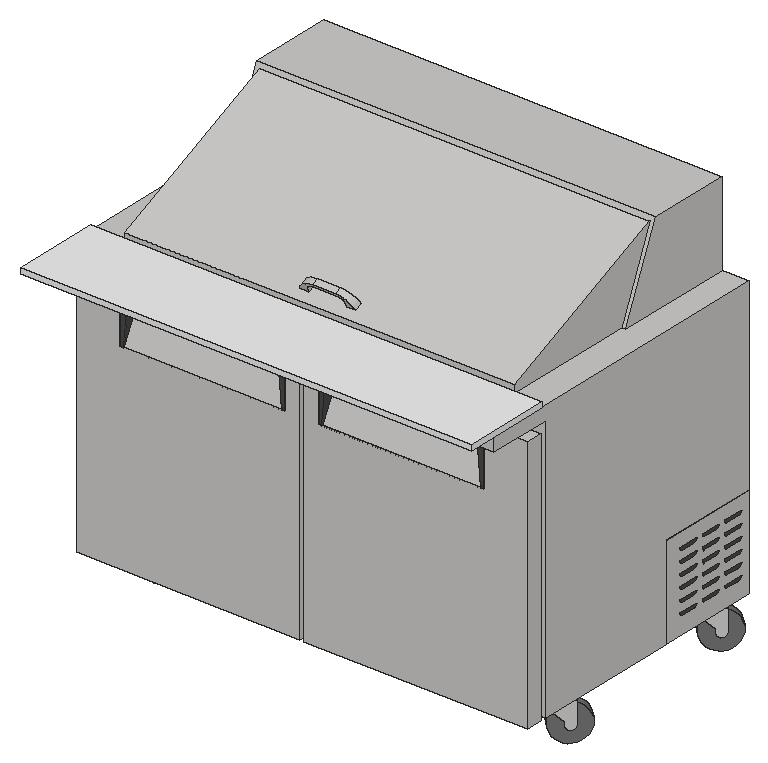
Revit family "QF_Turbo Air_MST-48-18e4b9f5c0-b9e3-4e14-825e-e552f2f6fca2", category Specialty Equipment, Revit 2012
Parameters
  Weight in Pounds = 264
  Watermarked By = "http://revitwatermark.com"
  Volts = 115 V
  URL Cutsheet = ""
  URL = "www.turboairinc.com"
  Status [instance] = ""
  Specification by User [instance] = ""
  Specification by Manufacturer [instance] = ""
  Serial Number [instance] = ""
  Revision Code [instance] = ""
  Phase = 1
  Number of Poles [instance] = 1
  NAFEM Spec ID Number [instance] = ""
  Model = "MST-48-18"
  Masterspec [instance] = ""
  Manufacturer = "Turbo Air"  # constant formula
  Legs [instance] = [6 inch Legs]  # no
  Item Number [instance] = "-"
  Installed By [instance] = ""
  HP = "1/3"
  Furnished By [instance] = ""
  Foodservice Equipment Identifier = yes
  FL Amps = 6.5 A
  Electrical Remarks [instance] = ""
  Electric Connection Type [instance] = ""
  Elec Conn RI Height [instance] = 0' - 0"
  Elec Conn Connection Height = 1' - 0"
  Description = "Mega Top Unit"
  Cycle = 60 Hz
  Conn Plug = "NEMA 5-15P"
  Casters [instance] = not(Legs)  # yes
  CasterLeg Height [instance] = if([4 inch Casters], 0' 5", if([5 inch Casters], 0' 5 3/4", if([2_5 inch Casters], 0' 3 3/8", 0' 6")))  # 0' - 5"
  CSI MasterFormat = "11 41 13"
  Assembly Code = "E1090320"
  Apparent Power = if(Phase = 3, Volts * FL Amps * 1.73, Volts * FL Amps)  # 747.5 VA
  6 inch Legs [instance] = no
  5 inch Casters [instance] = no
  4 inch Casters [instance] = yes
  2_5 inch Casters [instance] = no
Reference planes (in)
  plane 1 "BACK": y = 0
  plane 2: z = 0
  plane 3 "LEFT": x = -20.78844
  plane 4 "Bottom": z = 5
  plane 5 "Back Stops": y = 1
  plane 6 "RIGHT": x = 27.46156
  plane 7 "Door Clearance": y = -51.75
  plane 8 "Counter Top": z = 35
  plane 9 "TOP": z = 44
  plane 10 "Top of Door": z = 32.5
  plane 11 "Handle LR": x = 3.33656
  plane 12 "Lid Clearance": z = 50.875
  plane 13 "Front of Ledge": y = -34
  plane 14 "FRONT": y = -37
  plane 15 "Front of Door": y = -29.5
  plane 16 "Front of Box": y = -27.125
  plane 17 "Left of Lid Cover": x = -17.97594
  plane 18 "Left of Lid": x = -17.47594
  plane 19 "Right of Lid Cover": x = 24.64906
  plane 20 "Right of Lid": x = 24.14906
  plane 21: x = 3.52406
  plane 22: x = 3.14906
Forms (in)
  Extrusion 1, solid, material "QF_Finishes_Stainless Steel"
    sketch origin (-20.78844, 0, 0) x (0, 1, 0) y (0, 0, 1)
      loop
        line (0, 5) -> (0, 35) -> (-34, 35) -> (-34, 33.5) -> (-27.125, 33.5) -> (-27.125, 5) -> (0, 5)
    from 0 to 48.25
  Extrusion 2, solid, material "QF_Finishes_Black"
    sketch origin (0, -27.125, 0) x (1, 0, 0) y (0, 0, 1)
      loop
        line (4.52406, 31.5) -> (4.52406, 6) -> (26.46156, 6) -> (26.46156, 31.5) -> (4.52406, 31.5)
      loop
        line (-19.78844, 31.5) -> (-19.78844, 6) -> (2.14906, 6) -> (2.14906, 31.5) -> (-19.78844, 31.5)
    from 0 to 0.5
  Extrusion 3, solid, material "QF_Finishes_Stainless Steel"
    sketch origin (-17.97594, 0, 0) x (0, 1, 0) y (0, 0, 1)
      loop
        line (0, 35) -> (0, 44) -> (-8.875, 44) -> (-12.8125, 35) -> (0, 35)
    from 0 to 42.625
  Extrusion 4, solid, material "QF_Finishes_Stainless Steel"
    sketch origin (-17.47594, 0, 0) x (0, 1, 0) y (0, 0, 1)
      loop
        line (-12.8125, 35) -> (-9.07541, 43.54192) -> (-27.125, 35.75) -> (-27.125, 35) -> (-12.8125, 35)
    from 0 to 41.625
  Extrusion 5, solid, material "QF_Finishes_Stainless Steel"
    sketch origin (-8.25, -9.80904, -0.49896) x (1, 0, 0) y (0, -0.396341, 0.918103)
      loop
        line (13.58656, 40.14331) -> (14.58656, 40.14331)
        arc (14.58656, 40.14331) -> (13.91185, 41.04872) -> (12.83656, 41.39331) r 1.85
        line (12.83656, 41.39331) -> (10.33656, 41.39331)
        arc (10.33656, 41.39331) -> (9.26127, 41.04872) -> (8.58656, 40.14331) r 1.85
        line (8.58656, 40.14331) -> (9.58656, 40.14331) -> (9.58656, 40.64331)
        arc (9.58656, 40.64331) -> (9.73301, 40.99687) -> (10.08656, 41.14331) r 0.5
        line (10.08656, 41.14331) -> (13.08656, 41.14331)
        arc (13.08656, 41.14331) -> (13.44011, 40.99687) -> (13.58656, 40.64331) r 0.5
        line (13.58656, 40.64331) -> (13.58656, 40.14331)
    from -0.375 to 0.375
  Extrusion 6, void
    sketch origin (27.46156, 0, 0) x (0, 1, 0) y (0, 0, 1)
      loop
        line (0, 5) -> (0, 15) -> (-11, 15) -> (-11, 5) -> (0, 5)
    from 0 to -1
  Extrusion 7, solid, material "QF_Finishes_Stainless Steel"
    sketch origin (27.46156, 0, 0) x (0, 1, 0) y (0, 0, 1)
      loop
        line (-10.875, 14.875) -> (-10.875, 5) -> (0, 5) -> (0, 14.875) -> (-10.875, 14.875)
      loop
        arc (-9.25, 13.5) -> (-9.10355, 13.14645) -> (-8.75, 13) r 0.5
        line (-8.75, 13) -> (-7.25, 13)
        arc (-7.25, 13) -> (-6.89645, 13.14645) -> (-6.75, 13.5) r 0.5
        line (-6.75, 13.5) -> (-9.25, 13.5)
      loop
        arc (-6.25, 13.5) -> (-6.10355, 13.14645) -> (-5.75, 13) r 0.5
        line (-5.75, 13) -> (-4.25, 13)
        arc (-4.25, 13) -> (-3.89645, 13.14645) -> (-3.75, 13.5) r 0.5
        line (-3.75, 13.5) -> (-6.25, 13.5)
      loop
        arc (-3.25, 13.5) -> (-3.10355, 13.14645) -> (-2.75, 13) r 0.5
        line (-2.75, 13) -> (-1.25, 13)
        arc (-1.25, 13) -> (-0.89645, 13.14645) -> (-0.75, 13.5) r 0.5
        line (-0.75, 13.5) -> (-3.25, 13.5)
      loop
        arc (-9.25, 12.25) -> (-9.10355, 11.89645) -> (-8.75, 11.75) r 0.5
        line (-8.75, 11.75) -> (-7.25, 11.75)
        arc (-7.25, 11.75) -> (-6.89645, 11.89645) -> (-6.75, 12.25) r 0.5
        line (-6.75, 12.25) -> (-9.25, 12.25)
      loop
        arc (-6.25, 12.25) -> (-6.10355, 11.89645) -> (-5.75, 11.75) r 0.5
        line (-5.75, 11.75) -> (-4.25, 11.75)
        arc (-4.25, 11.75) -> (-3.89645, 11.89645) -> (-3.75, 12.25) r 0.5
        line (-3.75, 12.25) -> (-6.25, 12.25)
      loop
        arc (-3.25, 12.25) -> (-3.10355, 11.89645) -> (-2.75, 11.75) r 0.5
        line (-2.75, 11.75) -> (-1.25, 11.75)
        arc (-1.25, 11.75) -> (-0.89645, 11.89645) -> (-0.75, 12.25) r 0.5
        line (-0.75, 12.25) -> (-3.25, 12.25)
      loop
        arc (-9.25, 11) -> (-9.10355, 10.64645) -> (-8.75, 10.5) r 0.5
        line (-8.75, 10.5) -> (-7.25, 10.5)
        arc (-7.25, 10.5) -> (-6.89645, 10.64645) -> (-6.75, 11) r 0.5
        line (-6.75, 11) -> (-9.25, 11)
      loop
        arc (-6.25, 11) -> (-6.10355, 10.64645) -> (-5.75, 10.5) r 0.5
        line (-5.75, 10.5) -> (-4.25, 10.5)
        arc (-4.25, 10.5) -> (-3.89645, 10.64645) -> (-3.75, 11) r 0.5
        line (-3.75, 11) -> (-6.25, 11)
      loop
        arc (-3.25, 11) -> (-3.10355, 10.64645) -> (-2.75, 10.5) r 0.5
        line (-2.75, 10.5) -> (-1.25, 10.5)
        arc (-1.25, 10.5) -> (-0.89645, 10.64645) -> (-0.75, 11) r 0.5
        line (-0.75, 11) -> (-3.25, 11)
      loop
        arc (-9.25, 9.75) -> (-9.10355, 9.39645) -> (-8.75, 9.25) r 0.5
        line (-8.75, 9.25) -> (-7.25, 9.25)
        arc (-7.25, 9.25) -> (-6.89645, 9.39645) -> (-6.75, 9.75) r 0.5
        line (-6.75, 9.75) -> (-9.25, 9.75)
      loop
        arc (-6.25, 9.75) -> (-6.10355, 9.39645) -> (-5.75, 9.25) r 0.5
        line (-5.75, 9.25) -> (-4.25, 9.25)
        arc (-4.25, 9.25) -> (-3.89645, 9.39645) -> (-3.75, 9.75) r 0.5
        line (-3.75, 9.75) -> (-6.25, 9.75)
      loop
        arc (-3.25, 9.75) -> (-3.10355, 9.39645) -> (-2.75, 9.25) r 0.5
        line (-2.75, 9.25) -> (-1.25, 9.25)
        arc (-1.25, 9.25) -> (-0.89645, 9.39645) -> (-0.75, 9.75) r 0.5
        line (-0.75, 9.75) -> (-3.25, 9.75)
      loop
        arc (-9.25, 8.5) -> (-9.10355, 8.14645) -> (-8.75, 8) r 0.5
        line (-8.75, 8) -> (-7.25, 8)
        arc (-7.25, 8) -> (-6.89645, 8.14645) -> (-6.75, 8.5) r 0.5
        line (-6.75, 8.5) -> (-9.25, 8.5)
      loop
        arc (-6.25, 8.5) -> (-6.10355, 8.14645) -> (-5.75, 8) r 0.5
        line (-5.75, 8) -> (-4.25, 8)
        arc (-4.25, 8) -> (-3.89645, 8.14645) -> (-3.75, 8.5) r 0.5
        line (-3.75, 8.5) -> (-6.25, 8.5)
      loop
        arc (-3.25, 8.5) -> (-3.10355, 8.14645) -> (-2.75, 8) r 0.5
        line (-2.75, 8) -> (-1.25, 8)
        arc (-1.25, 8) -> (-0.89645, 8.14645) -> (-0.75, 8.5) r 0.5
        line (-0.75, 8.5) -> (-3.25, 8.5)
      loop
        arc (-9.25, 7.25) -> (-9.10355, 6.89645) -> (-8.75, 6.75) r 0.5
        line (-8.75, 6.75) -> (-7.25, 6.75)
        arc (-7.25, 6.75) -> (-6.89645, 6.89645) -> (-6.75, 7.25) r 0.5
        line (-6.75, 7.25) -> (-9.25, 7.25)
      loop
        arc (-6.25, 7.25) -> (-6.10355, 6.89645) -> (-5.75, 6.75) r 0.5
        line (-5.75, 6.75) -> (-4.25, 6.75)
        arc (-4.25, 6.75) -> (-3.89645, 6.89645) -> (-3.75, 7.25) r 0.5
        line (-3.75, 7.25) -> (-6.25, 7.25)
      loop
        arc (-3.25, 7.25) -> (-3.10355, 6.89645) -> (-2.75, 6.75) r 0.5
        line (-2.75, 6.75) -> (-1.25, 6.75)
        arc (-1.25, 6.75) -> (-0.89645, 6.89645) -> (-0.75, 7.25) r 0.5
        line (-0.75, 7.25) -> (-3.25, 7.25)
    from 0 to -1
  Extrusion 8, solid, material "QF_Finishes_Black"
    sketch origin (27.46156, 0, 0) x (0, 1, 0) y (0, 0, 1)
      loop
        line (-9.875, 13.95221) -> (-9.875, 6.20221) -> (-0.375, 6.20221) -> (-0.375, 13.95221) -> (-9.875, 13.95221)
    from -0.125 to -1
  Extrusion 9, solid, material "QF_Finishes_Black"
    sketch origin (0, 0, 0) x (1, 0, 0) y (0, 0, 1)
      loop
        circle (-14.66344, 30.1875) r 0.5
      loop
        circle (21.33656, 30.1875) r 0.5
    from 0 to -1
  Extrusion 10, solid, material "QF_Finishes_Stainless Steel"
    sketch origin (0, 0, 0) x (1, 0, 0) y (0, 0, 1)
      loop
        circle (23.46156, 11.125) r 0.25
    from 0 to -0.0625
  Extrusion 11, solid, material "QF_Finishes_White"
    sketch origin (-20.78844, 0, 0) x (0, 1, 0) y (0, 0, 1)
      loop
        line (-37, 35) -> (-27.625, 35) -> (-27.625, 35.5) -> (-37, 35.5) -> (-37, 35)
    from 0 to 48.25
  Extrusion 12, solid, material "QF_Finishes_Clearances", detail levels coarse
    sketch origin (-17.47594, 0, 0) x (0, 1, 0) y (0, 0, 1)
      loop
        arc (-16.49707, 50.65572) -> (-24.34172, 45.00726) -> (-27.125, 35.75) r 15.03231
        line (-27.125, 35.75) -> (-9.42266, 43.39202) -> (-15.77984, 50.875) -> (-16.49707, 50.65572)
    from 0 to 41.625
Cuts and joins
  Extrusion 6 cuts Extrusion 1
Lines and regions (in)
  symbolic lines
    curve 1: line (-20.78844, 0, 35) -> (27.46156, 0, 35)
    curve 2: line (-20.78844, -37, 35) -> (-20.78844, 0, 35)
    curve 3: line (27.46156, -37, 35) -> (-20.78844, -37, 35)
    curve 4: line (27.46156, 0, 35) -> (27.46156, -37, 35)
    curve 5: line (20.83656, 1, 35) -> (21.83656, 1, 35)
    curve 6: line (-15.16344, 1, 35) -> (-14.16344, 1, 35)
    curve 7: line (-15.16344, 1, 35) -> (-15.16344, 0, 35)
    curve 8: line (-14.16344, 1, 35) -> (-14.16344, 0, 35)
    curve 9: line (20.83656, 1, 35) -> (20.83656, 0, 35)
    curve 10: line (21.83656, 1, 35) -> (21.83656, 0, 35)
    curve 11: line (1.33656, -25.37519, 35) -> (0.33656, -25.37519, 35)
    curve 12: line (0.33656, -25.37519, 35) -> (0.33656, -26.07034, 35)
    curve 13: line (1.33656, -25.58383, 35) -> (1.33656, -25.37519, 35)
    curve 14: line (5.06641, -26.55919, 35) -> (2.09567, -26.55919, 35)
    curve 15: line (4.74906, -25.77153, 35) -> (1.84112, -25.77153, 35)
    curve 16: line (5.33656, -25.37519, 35) -> (5.33656, -25.56289, 35)
    curve 17: line (6.33656, -25.37519, 35) -> (5.33656, -25.37519, 35)
    curve 18: line (6.33656, -26.07034, 35) -> (6.33656, -25.37519, 35)
    curve 19: spline (6.33656, -26.07034, 35) -> (6.27964, -26.14047, 35) -> (6.21087, -26.20706, 35) -> (6.13093, -26.26945, 35) -> (6.04058, -26.32703, 35) -> (5.94073, -26.37924, 35) -> (5.83233, -26.42556, 35) -> (5.71646, -26.46556, 35) -> (5.59423, -26.49882, 35) -> (5.46685, -26.52504, 35) -> (5.33556, -26.54395, 35) -> (5.20165, -26.55537, 35) -> (5.06641, -26.55919, 35)
    curve 20: spline (1.84112, -25.77153, 35) -> (1.77526, -25.76992, 35) -> (1.71053, -25.76513, 35) -> (1.64803, -25.75724, 35) -> (1.58884, -25.74638, 35) -> (1.53396, -25.73274, 35) -> (1.48434, -25.71655, 35) -> (1.44082, -25.69809, 35) -> (1.40416, -25.67768, 35) -> (1.37497, -25.65566, 35) -> (1.35375, -25.63241, 35) -> (1.34088, -25.60833, 35) -> (1.33656, -25.58383, 35)
    curve 21: spline (5.33656, -25.56289, 35) -> (5.33153, -25.59012, 35) -> (5.31654, -25.61689, 35) -> (5.29184, -25.64273, 35) -> (5.25785, -25.66721, 35) -> (5.21515, -25.6899, 35) -> (5.16448, -25.71042, 35) -> (5.10671, -25.72841, 35) -> (5.04281, -25.74358, 35) -> (4.97388, -25.75565, 35) -> (4.90111, -25.76442, 35) -> (4.82574, -25.76974, 35) -> (4.74906, -25.77153, 35)
    curve 22: spline (2.09567, -26.55919, 35) -> (1.90096, -26.5553, 35) -> (1.70844, -26.54368, 35) -> (1.52025, -26.52446, 35) -> (1.33853, -26.49785, 35) -> (1.1653, -26.46415, 35) -> (1.0025, -26.42374, 35) -> (0.85197, -26.37708, 35) -> (0.71539, -26.32468, 35) -> (0.5943, -26.26714, 35) -> (0.49005, -26.20509, 35) -> (0.40382, -26.13925, 35) -> (0.33656, -26.07034, 35)
    curve 49: line (-20.78844, -27.625, 35) -> (27.46156, -27.625, 35)
    curve 50: line (-20.78844, -27.125, 35) -> (27.46156, -27.125, 35)
    curve 75: line (-17.97594, 0, 35) -> (-17.97594, -12.8125, 35)
    curve 76: line (-17.97594, -12.8125, 35) -> (-17.47594, -12.8125, 35)
    curve 77: line (24.64906, 0, 35) -> (24.64906, -12.8125, 35)
    curve 78: line (24.64906, -12.8125, 35) -> (24.14906, -12.8125, 35)
    curve 79: line (24.64906, -8.875, 35) -> (-17.97594, -8.875, 35)
    curve 80: line (-17.47594, -8.875, 35) -> (-17.47594, -27.125, 35)
    curve 81: line (24.14906, -27.125, 35) -> (24.14906, -8.875, 35)
  symbolic lines, style "QF_Clearances", detail levels coarse
    curve 23: line (27.46156, -37, 35) -> (27.46156, -51.75, 35)
    curve 24: arc (27.46156, -51.75, 35) -> (14.19212, -47.72286, 35) -> (5.39915, -37, 35) r 23.875
    curve 82: line (-20.78844, -37, 35) -> (-20.78844, -51.75, 35)
    curve 83: arc (-20.78844, -51.75, 35) -> (-7.519, -47.72286, 35) -> (1.27397, -37, 35) r 23.875
  symbolic lines, style "QF_Surface Details"
    curve 25: line (9.58656, -17.58908, 35) -> (9.58656, -13.59725, 35)
    curve 26: line (3.58656, -17.58908, 35) -> (3.58656, -13.59725, 35)
    curve 27: line (4.58656, -12.59725, 35) -> (8.58656, -12.59725, 35)
    curve 28: line (4.58656, -18.58908, 35) -> (8.58656, -18.58908, 35)
    curve 29: arc (8.58656, -12.59725, 35) -> (9.29367, -12.89014, 35) -> (9.58656, -13.59725, 35) r 1
    curve 30: arc (4.58656, -12.59725, 35) -> (3.87945, -12.89014, 35) -> (3.58656, -13.59725, 35) r 1
    curve 31: arc (3.58656, -17.58908, 35) -> (3.87945, -18.29619, 35) -> (4.58656, -18.58908, 35) r 1
    curve 32: arc (8.58656, -18.58908, 35) -> (9.29367, -18.29619, 35) -> (9.58656, -17.58908, 35) r 1
    curve 33: line (9.58656, -20.58908, 35) -> (9.58656, -24.51282, 35)
    curve 34: line (3.58656, -20.48748, 35) -> (3.58656, -24.58092, 35)
    curve 35: line (4.58656, -25.58092, 35) -> (8.51846, -25.58092, 35)
    curve 36: line (4.48495, -19.58908, 35) -> (8.58656, -19.58908, 35)
    curve 37: arc (8.51846, -25.58092, 35) -> (9.27372, -25.26808, 35) -> (9.58656, -24.51282, 35) r 1.0681
    curve 38: arc (4.58656, -25.58092, 35) -> (3.87945, -25.28803, 35) -> (3.58656, -24.58092, 35) r 1
    curve 39: arc (3.58656, -20.48748, 35) -> (3.84969, -19.85222, 35) -> (4.48495, -19.58908, 35) r 0.89839
    curve 40: arc (8.58656, -19.58908, 35) -> (9.29367, -19.88198, 35) -> (9.58656, -20.58908, 35) r 1
    curve 41: line (9.58656, -10.59725, 35) -> (9.58656, -6.60541, 35)
    curve 42: line (3.58656, -10.59725, 35) -> (3.58656, -6.60541, 35)
    curve 43: line (4.58656, -5.60541, 35) -> (8.58656, -5.60541, 35)
    curve 44: line (4.58656, -11.59725, 35) -> (8.58656, -11.59725, 35)
    curve 45: arc (8.58656, -5.60541, 35) -> (9.29367, -5.8983, 35) -> (9.58656, -6.60541, 35) r 1
    curve 46: arc (4.58656, -5.60541, 35) -> (3.87945, -5.8983, 35) -> (3.58656, -6.60541, 35) r 1
    curve 47: arc (3.58656, -10.59725, 35) -> (3.87945, -11.30435, 35) -> (4.58656, -11.59725, 35) r 1
    curve 48: arc (8.58656, -11.59725, 35) -> (9.29367, -11.30435, 35) -> (9.58656, -10.59725, 35) r 1
    curve 51: line (16.08656, -17.58908, 35) -> (16.08656, -13.59725, 35)
    curve 52: line (10.08656, -17.58908, 35) -> (10.08656, -13.59725, 35)
    curve 53: line (11.08656, -12.59725, 35) -> (15.08656, -12.59725, 35)
    curve 54: line (11.08656, -18.58908, 35) -> (15.08656, -18.58908, 35)
    curve 55: arc (15.08656, -12.59725, 35) -> (15.79367, -12.89014, 35) -> (16.08656, -13.59725, 35) r 1
    curve 56: arc (11.08656, -12.59725, 35) -> (10.37945, -12.89014, 35) -> (10.08656, -13.59725, 35) r 1
    curve 57: arc (10.08656, -17.58908, 35) -> (10.37945, -18.29619, 35) -> (11.08656, -18.58908, 35) r 1
    curve 58: arc (15.08656, -18.58908, 35) -> (15.79367, -18.29619, 35) -> (16.08656, -17.58908, 35) r 1
    curve 59: line (16.08656, -10.59725, 35) -> (16.08656, -6.60541, 35)
    curve 60: line (10.08656, -10.59725, 35) -> (10.08656, -6.60541, 35)
    curve 61: line (11.08656, -5.60541, 35) -> (15.08656, -5.60541, 35)
    curve 62: line (11.08656, -11.59725, 35) -> (15.08656, -11.59725, 35)
    curve 63: arc (15.08656, -5.60541, 35) -> (15.79367, -5.8983, 35) -> (16.08656, -6.60541, 35) r 1
    curve 64: arc (11.08656, -5.60541, 35) -> (10.37945, -5.8983, 35) -> (10.08656, -6.60541, 35) r 1
    curve 65: arc (10.08656, -10.59725, 35) -> (10.37945, -11.30435, 35) -> (11.08656, -11.59725, 35) r 1
    curve 66: arc (15.08656, -11.59725, 35) -> (15.79367, -11.30435, 35) -> (16.08656, -10.59725, 35) r 1
    curve 67: line (22.58656, -10.59725, 35) -> (22.58656, -6.60541, 35)
    curve 68: line (16.58656, -10.59725, 35) -> (16.58656, -6.60541, 35)
    curve 69: line (17.58656, -5.60541, 35) -> (21.58656, -5.60541, 35)
    curve 70: line (17.58656, -11.59725, 35) -> (21.58656, -11.59725, 35)
    curve 71: arc (21.58656, -5.60541, 35) -> (22.29367, -5.8983, 35) -> (22.58656, -6.60541, 35) r 1
    curve 72: arc (17.58656, -5.60541, 35) -> (16.87945, -5.8983, 35) -> (16.58656, -6.60541, 35) r 1
    curve 73: arc (16.58656, -10.59725, 35) -> (16.87945, -11.30435, 35) -> (17.58656, -11.59725, 35) r 1
    curve 74: arc (21.58656, -11.59725, 35) -> (22.29367, -11.30435, 35) -> (22.58656, -10.59725, 35) r 1
    curve 84: line (22.58656, -17.58908, 35) -> (22.58656, -13.59725, 35)
    curve 85: line (16.58656, -17.58908, 35) -> (16.58656, -13.59725, 35)
    curve 86: line (17.58656, -12.59725, 35) -> (21.58656, -12.59725, 35)
    curve 87: line (17.58656, -18.58908, 35) -> (21.58656, -18.58908, 35)
    curve 88: arc (21.58656, -12.59725, 35) -> (22.29367, -12.89014, 35) -> (22.58656, -13.59725, 35) r 1
    curve 89: arc (17.58656, -12.59725, 35) -> (16.87945, -12.89014, 35) -> (16.58656, -13.59725, 35) r 1
    curve 90: arc (16.58656, -17.58908, 35) -> (16.87945, -18.29619, 35) -> (17.58656, -18.58908, 35) r 1
    curve 91: arc (21.58656, -18.58908, 35) -> (22.29367, -18.29619, 35) -> (22.58656, -17.58908, 35) r 1
    curve 92: line (16.08656, -24.58092, 35) -> (16.08656, -20.58908, 35)
    curve 93: line (10.08656, -24.58092, 35) -> (10.08656, -20.58908, 35)
    curve 94: line (11.08656, -19.58908, 35) -> (15.08656, -19.58908, 35)
    curve 95: line (11.08656, -25.58092, 35) -> (15.08656, -25.58092, 35)
    curve 96: arc (15.08656, -19.58908, 35) -> (15.79367, -19.88198, 35) -> (16.08656, -20.58908, 35) r 1
    curve 97: arc (11.08656, -19.58908, 35) -> (10.37945, -19.88198, 35) -> (10.08656, -20.58908, 35) r 1
    curve 98: arc (10.08656, -24.58092, 35) -> (10.37945, -25.28803, 35) -> (11.08656, -25.58092, 35) r 1
    curve 99: arc (15.08656, -25.58092, 35) -> (15.79367, -25.28803, 35) -> (16.08656, -24.58092, 35) r 1
    curve 100: line (22.58656, -24.58092, 35) -> (22.58656, -20.58908, 35)
    curve 101: line (16.58656, -24.58092, 35) -> (16.58656, -20.58908, 35)
    curve 102: line (17.58656, -19.58908, 35) -> (21.58656, -19.58908, 35)
    curve 103: line (17.58656, -25.58092, 35) -> (21.58656, -25.58092, 35)
    curve 104: arc (21.58656, -19.58908, 35) -> (22.29367, -19.88198, 35) -> (22.58656, -20.58908, 35) r 1
    curve 105: arc (17.58656, -19.58908, 35) -> (16.87945, -19.88198, 35) -> (16.58656, -20.58908, 35) r 1
    curve 106: arc (16.58656, -24.58092, 35) -> (16.87945, -25.28803, 35) -> (17.58656, -25.58092, 35) r 1
    curve 107: arc (21.58656, -25.58092, 35) -> (22.29367, -25.28803, 35) -> (22.58656, -24.58092, 35) r 1
    curve 108: line (-2.91344, -17.58908, 35) -> (-2.91344, -13.59725, 35)
    curve 109: line (3.08656, -17.58908, 35) -> (3.08656, -13.59725, 35)
    curve 110: line (2.08656, -12.59725, 35) -> (-1.91344, -12.59725, 35)
    curve 111: line (2.08656, -18.58908, 35) -> (-1.91344, -18.58908, 35)
    curve 112: arc (-1.91344, -12.59725, 35) -> (-2.62055, -12.89014, 35) -> (-2.91344, -13.59725, 35) r 1
    curve 113: arc (2.08656, -12.59725, 35) -> (2.79367, -12.89014, 35) -> (3.08656, -13.59725, 35) r 1
    curve 114: arc (3.08656, -17.58908, 35) -> (2.79367, -18.29619, 35) -> (2.08656, -18.58908, 35) r 1
    curve 115: arc (-1.91344, -18.58908, 35) -> (-2.62055, -18.29619, 35) -> (-2.91344, -17.58908, 35) r 1
    curve 116: line (-2.91344, -20.58908, 35) -> (-2.91344, -24.51282, 35)
    curve 117: line (3.08656, -20.48748, 35) -> (3.08656, -24.58092, 35)
    curve 118: line (2.08656, -25.58092, 35) -> (-1.84534, -25.58092, 35)
    curve 119: line (2.18817, -19.58908, 35) -> (-1.91344, -19.58908, 35)
    curve 120: arc (-1.84534, -25.58092, 35) -> (-2.6006, -25.26808, 35) -> (-2.91344, -24.51282, 35) r 1.0681
    curve 121: arc (2.08656, -25.58092, 35) -> (2.79367, -25.28803, 35) -> (3.08656, -24.58092, 35) r 1
    curve 122: arc (3.08656, -20.48748, 35) -> (2.82343, -19.85222, 35) -> (2.18817, -19.58908, 35) r 0.89839
    curve 123: arc (-1.91344, -19.58908, 35) -> (-2.62055, -19.88198, 35) -> (-2.91344, -20.58908, 35) r 1
    curve 124: line (-2.91344, -10.59725, 35) -> (-2.91344, -6.60541, 35)
    curve 125: line (3.08656, -10.59725, 35) -> (3.08656, -6.60541, 35)
    curve 126: line (2.08656, -5.60541, 35) -> (-1.91344, -5.60541, 35)
    curve 127: line (2.08656, -11.59725, 35) -> (-1.91344, -11.59725, 35)
    curve 128: arc (-1.91344, -5.60541, 35) -> (-2.62055, -5.8983, 35) -> (-2.91344, -6.60541, 35) r 1
    curve 129: arc (2.08656, -5.60541, 35) -> (2.79367, -5.8983, 35) -> (3.08656, -6.60541, 35) r 1
    curve 130: arc (3.08656, -10.59725, 35) -> (2.79367, -11.30435, 35) -> (2.08656, -11.59725, 35) r 1
    curve 131: arc (-1.91344, -11.59725, 35) -> (-2.62055, -11.30435, 35) -> (-2.91344, -10.59725, 35) r 1
    curve 132: line (-9.41344, -17.58908, 35) -> (-9.41344, -13.59725, 35)
    curve 133: line (-3.41344, -17.58908, 35) -> (-3.41344, -13.59725, 35)
    curve 134: line (-4.41344, -12.59725, 35) -> (-8.41344, -12.59725, 35)
    curve 135: line (-4.41344, -18.58908, 35) -> (-8.41344, -18.58908, 35)
    curve 136: arc (-8.41344, -12.59725, 35) -> (-9.12055, -12.89014, 35) -> (-9.41344, -13.59725, 35) r 1
    curve 137: arc (-4.41344, -12.59725, 35) -> (-3.70633, -12.89014, 35) -> (-3.41344, -13.59725, 35) r 1
    curve 138: arc (-3.41344, -17.58908, 35) -> (-3.70633, -18.29619, 35) -> (-4.41344, -18.58908, 35) r 1
    curve 139: arc (-8.41344, -18.58908, 35) -> (-9.12055, -18.29619, 35) -> (-9.41344, -17.58908, 35) r 1
    curve 140: line (-9.41344, -10.59725, 35) -> (-9.41344, -6.60541, 35)
    curve 141: line (-3.41344, -10.59725, 35) -> (-3.41344, -6.60541, 35)
    curve 142: line (-4.41344, -5.60541, 35) -> (-8.41344, -5.60541, 35)
    curve 143: line (-4.41344, -11.59725, 35) -> (-8.41344, -11.59725, 35)
    curve 144: arc (-8.41344, -5.60541, 35) -> (-9.12055, -5.8983, 35) -> (-9.41344, -6.60541, 35) r 1
    curve 145: arc (-4.41344, -5.60541, 35) -> (-3.70633, -5.8983, 35) -> (-3.41344, -6.60541, 35) r 1
    curve 146: arc (-3.41344, -10.59725, 35) -> (-3.70633, -11.30435, 35) -> (-4.41344, -11.59725, 35) r 1
    curve 147: arc (-8.41344, -11.59725, 35) -> (-9.12055, -11.30435, 35) -> (-9.41344, -10.59725, 35) r 1
    curve 148: line (-15.91344, -10.59725, 35) -> (-15.91344, -6.60541, 35)
    curve 149: line (-9.91344, -10.59725, 35) -> (-9.91344, -6.60541, 35)
    curve 150: line (-10.91344, -5.60541, 35) -> (-14.91344, -5.60541, 35)
    curve 151: line (-10.91344, -11.59725, 35) -> (-14.91344, -11.59725, 35)
    curve 152: arc (-14.91344, -5.60541, 35) -> (-15.62055, -5.8983, 35) -> (-15.91344, -6.60541, 35) r 1
    curve 153: arc (-10.91344, -5.60541, 35) -> (-10.20633, -5.8983, 35) -> (-9.91344, -6.60541, 35) r 1
    curve 154: arc (-9.91344, -10.59725, 35) -> (-10.20633, -11.30435, 35) -> (-10.91344, -11.59725, 35) r 1
    curve 155: arc (-14.91344, -11.59725, 35) -> (-15.62055, -11.30435, 35) -> (-15.91344, -10.59725, 35) r 1
    curve 156: line (-15.91344, -17.58908, 35) -> (-15.91344, -13.59725, 35)
    curve 157: line (-9.91344, -17.58908, 35) -> (-9.91344, -13.59725, 35)
    curve 158: line (-10.91344, -12.59725, 35) -> (-14.91344, -12.59725, 35)
    curve 159: line (-10.91344, -18.58908, 35) -> (-14.91344, -18.58908, 35)
    curve 160: arc (-14.91344, -12.59725, 35) -> (-15.62055, -12.89014, 35) -> (-15.91344, -13.59725, 35) r 1
    curve 161: arc (-10.91344, -12.59725, 35) -> (-10.20633, -12.89014, 35) -> (-9.91344, -13.59725, 35) r 1
    curve 162: arc (-9.91344, -17.58908, 35) -> (-10.20633, -18.29619, 35) -> (-10.91344, -18.58908, 35) r 1
    curve 163: arc (-14.91344, -18.58908, 35) -> (-15.62055, -18.29619, 35) -> (-15.91344, -17.58908, 35) r 1
    curve 164: line (-9.41344, -24.58092, 35) -> (-9.41344, -20.58908, 35)
    curve 165: line (-3.41344, -24.58092, 35) -> (-3.41344, -20.58908, 35)
    curve 166: line (-4.41344, -19.58908, 35) -> (-8.41344, -19.58908, 35)
    curve 167: line (-4.41344, -25.58092, 35) -> (-8.41344, -25.58092, 35)
    curve 168: arc (-8.41344, -19.58908, 35) -> (-9.12055, -19.88198, 35) -> (-9.41344, -20.58908, 35) r 1
    curve 169: arc (-4.41344, -19.58908, 35) -> (-3.70633, -19.88198, 35) -> (-3.41344, -20.58908, 35) r 1
    curve 170: arc (-3.41344, -24.58092, 35) -> (-3.70633, -25.28803, 35) -> (-4.41344, -25.58092, 35) r 1
    curve 171: arc (-8.41344, -25.58092, 35) -> (-9.12055, -25.28803, 35) -> (-9.41344, -24.58092, 35) r 1
    curve 172: line (-15.91344, -24.58092, 35) -> (-15.91344, -20.58908, 35)
    curve 173: line (-9.91344, -24.58092, 35) -> (-9.91344, -20.58908, 35)
    curve 174: line (-10.91344, -19.58908, 35) -> (-14.91344, -19.58908, 35)
    curve 175: line (-10.91344, -25.58092, 35) -> (-14.91344, -25.58092, 35)
    curve 176: arc (-14.91344, -19.58908, 35) -> (-15.62055, -19.88198, 35) -> (-15.91344, -20.58908, 35) r 1
    curve 177: arc (-10.91344, -19.58908, 35) -> (-10.20633, -19.88198, 35) -> (-9.91344, -20.58908, 35) r 1
    curve 178: arc (-9.91344, -24.58092, 35) -> (-10.20633, -25.28803, 35) -> (-10.91344, -25.58092, 35) r 1
    curve 179: arc (-14.91344, -25.58092, 35) -> (-15.62055, -25.28803, 35) -> (-15.91344, -24.58092, 35) r 1
Dimensions and locks (in)
  "CasterLeg Height": plane 4 "Bottom" to plane 2
  locked: plane 1 "BACK" to plane 5 "Back Stops" at 1
  locked: plane 6 "RIGHT" to plane 3 "LEFT" at 48.25
  locked: plane 7 "Door Clearance" to plane 1 "BACK" at 51.75
  locked: plane 9 "TOP" to plane 8 "Counter Top" at 9
  locked: plane 8 "Counter Top" to plane 4 "Bottom" at 30
  locked: plane 10 "Top of Door" to plane 4 "Bottom" at 27.5
  locked: plane 10 "Top of Door" to Extrusion 2 sketch curve at 1  (x2)
  locked: Extrusion 2 sketch curve to plane 4 "Bottom" at 1  (x2)
  locked: Extrusion 2 sketch curve to plane 6 "RIGHT" at 1
  locked: plane 12 "Lid Clearance" to plane 8 "Counter Top" at 15.875
  locked: Extrusion 6 sketch curve to plane 1 "BACK" at 11
  locked: Extrusion 6 sketch curve to plane 4 "Bottom" at 10
  locked: plane 4 "Bottom" to Extrusion 7 sketch curve at 9.875
  locked: Extrusion 7 sketch curve to plane 1 "BACK" at 10.875
  locked: Extrusion 8 sketch curve to Extrusion 8 sketch curve at 7.75
  locked: Extrusion 8 sketch curve to plane 4 "Bottom" at 1.20221
  locked: Extrusion 8 sketch curve to Extrusion 8 sketch curve at 9.5
  locked: Extrusion 8 sketch curve to plane 1 "BACK" at 0.375
  locked: nested 1 to plane 1 "BACK" at 2.5625
  locked: plane 3 "LEFT" to nested 1 at 2.5
  locked: plane 3 "LEFT" to nested 2 at 2.5
  locked: nested 3 to plane 6 "RIGHT" at 2.5
  locked: nested 4 to plane 6 "RIGHT" at 2.5
  locked: nested 3 to plane 1 "BACK" at 2.5625
  locked: plane 8 "Counter Top" to Extrusion 9 sketch curve at 4.8125  (x2)
  locked: plane 6 "RIGHT" to Extrusion 9 sketch curve at 6.125
  locked: Extrusion 9 sketch curve to plane 3 "LEFT" at 6.125
  locked: Extrusion 10 sketch curve to plane 4 "Bottom" at 6.125
  locked: plane 6 "RIGHT" to Extrusion 10 sketch curve at 4
  locked: plane 13 "Front of Ledge" to plane 1 "BACK" at 34
  locked: plane 14 "FRONT" to plane 13 "Front of Ledge" at 3
  locked: plane 13 "Front of Ledge" to plane 15 "Front of Door" at 4.5
  locked: plane 15 "Front of Door" to plane 16 "Front of Box" at 2.375
  locked: Extrusion 1 sketch curve to plane 8 "Counter Top" at 1.5
  locked: Extrusion 11 sketch curve to plane 14 "FRONT" at 9.375
  locked: Extrusion 11 sketch curve to plane 8 "Counter Top" at 0.5
  locked: plane 1 "BACK" to Extrusion 3 sketch curve at 12.8125
  locked: plane 1 "BACK" to Extrusion 3 sketch curve at 8.875
  locked: plane 1 "BACK" to Extrusion 4 sketch curve at 12.8125
  locked: plane 9 "TOP" to Extrusion 4 sketch curve at 0.45808
  locked: Extrusion 4 sketch curve to plane 8 "Counter Top" at 0.75
  locked: plane 1 "BACK" to Extrusion 4 sketch curve at 9.07541
  locked: plane 12 "Lid Clearance" to Extrusion 12 sketch curve at 0.21928
  locked: plane 9 "TOP" to Extrusion 12 sketch curve at 0.60798
  locked: Extrusion 12 sketch curve to plane 8 "Counter Top" at 0.75
  locked: Extrusion 5 to plane 8 "Counter Top" at 2.65301
  locked: Extrusion 5 to plane 8 "Counter Top" at 2.35576
  locked: plane 3 "LEFT" to plane 17 "Left of Lid Cover" at 2.8125
  locked: plane 17 "Left of Lid Cover" to plane 18 "Left of Lid" at 0.5
  equal spacing: plane 17 "Left of Lid Cover", plane 11 "Handle LR", plane 19 "Right of Lid Cover"
  locked: plane 19 "Right of Lid Cover" to plane 6 "RIGHT" at 2.8125
  locked: plane 20 "Right of Lid" to plane 19 "Right of Lid Cover" at 0.5
  locked: Extrusion 2 sketch curve to plane 21 at 1
  locked: Extrusion 2 sketch curve to plane 22 at 1
  locked: Extrusion 2 sketch curve to plane 3 "LEFT" at 1
  plane 22 to plane 11 "Handle LR" to plane 21 = 0' - 0 3/16" locked, 0' - 0 3/16" locked
  aligned and locked: level to plane 2
  aligned and locked: Extrusion 1 sketch curve to plane 1 "BACK"
  aligned and locked: Extrusion 1 sketch curve to plane 4 "Bottom"
  aligned and locked: plane 6 "RIGHT" to Extrusion 1
  aligned and locked: Extrusion 1 sketch curve to plane 8 "Counter Top"
  aligned and locked: Extrusion 3 sketch curve to plane 9 "TOP"
  aligned and locked: plane 1 "BACK" to Extrusion 3 sketch curve
  aligned and locked: Extrusion 6 sketch curve to plane 1 "BACK"
  aligned and locked: Extrusion 6 sketch curve to plane 4 "Bottom"
  aligned and locked: Extrusion 9 to plane 5 "Back Stops"
  aligned and locked: plane 1 "BACK" to curve 1
  aligned and locked: curve 4 to plane 6 "RIGHT"
  aligned and locked: plane 3 "LEFT" to curve 2
  aligned and locked: curve 5 to Extrusion 9
  aligned and locked: curve 6 to Extrusion 9
  aligned and locked: curve 11 to Extrusion 5
  aligned and locked: curve 12 to Extrusion 5
  aligned and locked: Extrusion 5 to curve 13
  aligned and locked: curve 14 to Extrusion 5
  aligned and locked: Extrusion 5 to curve 15
  aligned and locked: curve 16 to Extrusion 5
  aligned and locked: curve 17 to Extrusion 5
  aligned and locked: curve 18 to Extrusion 5
  aligned and locked: plane 13 "Front of Ledge" to Extrusion 1 sketch curve
  aligned and locked: Extrusion 1 sketch curve to plane 16 "Front of Box"
  aligned and locked: plane 14 "FRONT" to Extrusion 11 sketch curve
  aligned and locked: Extrusion 11 sketch curve to plane 8 "Counter Top"
  aligned and locked: plane 6 "RIGHT" to Extrusion 11
  aligned and locked: Extrusion 3 sketch curve to plane 8 "Counter Top"
  aligned and locked: plane 16 "Front of Box" to Extrusion 4 sketch curve
  aligned and locked: Extrusion 4 sketch curve to plane 8 "Counter Top"
  aligned and locked: Extrusion 4 to Extrusion 12 sketch curve
  aligned and locked: plane 12 "Lid Clearance" to Extrusion 12 sketch curve
  aligned and locked: plane 19 "Right of Lid Cover" to Extrusion 3
  aligned and locked: plane 20 "Right of Lid" to Extrusion 12
  aligned and locked: plane 20 "Right of Lid" to Extrusion 4
  aligned and locked: nested 5 to plane 4 "Bottom"
  aligned and locked: plane 4 "Bottom" to nested 6
Automatic sketch dimensions
  Extrusion 7 sketch curve to plane 1 "BACK" = 0' - 0"
  Extrusion 7 sketch curve to plane 4 "Bottom" = 0' - 0"
  Extrusion 7 sketch curve to Extrusion 7 sketch curve = 0' - 1 5/8"
  Extrusion 7 sketch curve to Extrusion 7 sketch curve = 0' - 0"  (x16)
  Extrusion 7 sketch curve to Extrusion 7 sketch curve = 0' - 0 1/2"  (x31)
  Extrusion 7 sketch curve to Extrusion 7 sketch curve = 0' - 1 1/2"  (x4)
  plane 1 "BACK" to Extrusion 7 sketch curve = 0' - 1 1/4"  (x3)
  plane 4 "Bottom" to Extrusion 7 sketch curve = 0' - 1 3/4"  (x2)
  Extrusion 7 sketch curve to Extrusion 7 sketch curve = 0' - 0 3/4"  (x15)
  Extrusion 5 sketch curve to plane 11 "Handle LR" = 0' - 3"
  Extrusion 5 sketch curve to Extrusion 5 sketch curve = 0' - 1"  (x2)
  Extrusion 5 sketch curve to Extrusion 5 sketch curve = 0' - 0 1/2"  (x3)
  Extrusion 5 sketch curve to Extrusion 5 sketch curve = 0' - 0 3/4"
  plane 11 "Handle LR" to Extrusion 5 sketch curve = 0' - 1 1/4"
  Extrusion 5 sketch curve to Extrusion 5 sketch curve = 0' - 0 1/4"
  Extrusion 5 sketch curve to Extrusion 5 sketch curve = 0' - 0"
  Extrusion 5 sketch curve to Extrusion 5 sketch curve = 0' - 0.6"
  Extrusion 12 sketch curve to Extrusion 12 sketch curve = 0' - 7.07441"
  Extrusion 12 sketch curve to Extrusion 12 sketch curve = 0' - 0.71723"
  plane 8 "Counter Top" to Extrusion 12 sketch curve = 0' - 1.28026"
  plane 7 "Door Clearance" to curve 83 = 0' - 0"
  plane 7 "Door Clearance" to curve 24 = 0' - 0"
  plane 14 "FRONT" to curve 3 = 0' - 0"
  plane 16 "Front of Box" to curve 81 = 0' - 0"
  curve 78 to plane 19 "Right of Lid Cover" = 0' - 0"
  curve 76 to plane 17 "Left of Lid Cover" = 0' - 0"
  curve 76 to plane 18 "Left of Lid" = 0' - 0"
  curve 78 to plane 20 "Right of Lid" = 0' - 0"
  curve 83 to curve 50 = 0' - 0 3/4"
  curve 24 to curve 50 = 0' - 0 3/4"
  curve 83 to curve 49 = 0' - 0 1/4"
  curve 19 to curve 17 = 0' - 0.69515"
  curve 22 to curve 11 = 0' - 0.69515"
  plane 21 to curve 22 = 0' - 0.4125"
  curve 22 to curve 21 = 0' - 0.0945"
  curve 19 to curve 19 = 0' - 0.29334"
  curve 15 to curve 20 = 0' - 0.1877"
  curve 21 to curve 35 = 0' - 0.19061"
  curve 107 to plane 16 "Front of Box" = 0' - 1.54408"
  curve 98 to plane 16 "Front of Box" = 0' - 1.54408"
  curve 178 to plane 16 "Front of Box" = 0' - 1.54408"
  curve 118 to plane 16 "Front of Box" = 0' - 1.54408"
  curve 167 to plane 16 "Front of Box" = 0' - 1.54408"
  curve 38 to curve 21 = 0' - 0.01803"
  curve 98 to curve 93 = 0' - 1"
  curve 95 to curve 92 = 0' - 1"
  curve 92 to curve 101 = 0' - 0"
  curve 175 to curve 173 = 0' - 1"
  curve 170 to curve 170 = 0' - 1"
  plane 21 to curve 34 = 0' - 0 1/16"
  curve 22 to curve 34 = 0' - 1.28511"
  curve 121 to curve 121 = 0' - 1"
  curve 178 to curve 171 = 0' - 0"
  curve 103 to curve 107 = 0' - 1"
  curve 175 to curve 172 = 0' - 1"
  curve 93 to curve 33 = 0' - 0.0681"
  curve 120 to curve 120 = 0' - 1.0681"
  curve 179 to curve 176 = 0' - 3.99184"
  curve 37 to curve 97 = 0' - 3.92374"
  curve 106 to curve 105 = 0' - 3.99184"
  curve 171 to curve 168 = 0' - 3.99184"
  curve 170 to curve 169 = 0' - 3.99184"
  curve 40 to curve 97 = 0' - 0"
  curve 173 to curve 164 = 0' - 0"
  curve 169 to curve 116 = 0' - 0"
  curve 96 to curve 101 = 0' - 0"
  curve 100 to curve 100 = 0' - 3.99184"
  curve 34 to curve 39 = 0' - 4.09345"
  plane 22 to curve 117 = 0' - 0 1/16"
  curve 117 to curve 34 = 0' - 0"
  curve 122 to curve 122 = 0' - 0.89839"
  curve 105 to curve 102 = 0' - 1"
  curve 96 to curve 94 = 0' - 1"
  curve 39 to curve 36 = 0' - 0.89839"
  curve 169 to curve 166 = 0' - 1"
  curve 177 to curve 174 = 0' - 1"
  curve 119 to curve 111 = 0' - 1"
  curve 36 to curve 28 = 0' - 1"
  curve 102 to curve 91 = 0' - 1"
  curve 174 to curve 163 = 0' - 1"
  curve 96 to curve 58 = 0' - 1"
  curve 169 to curve 135 = 0' - 1"
  curve 139 to curve 139 = 0' - 1"
  curve 138 to curve 138 = 0' - 1"
  curve 57 to curve 57 = 0' - 1"
  curve 87 to curve 84 = 0' - 1"
  curve 157 to curve 132 = 0' - 0"
  curve 87 to curve 85 = 0' - 1"
  curve 51 to curve 90 = 0' - 0"
  curve 159 to curve 163 = 0' - 1"
  curve 133 to curve 115 = 0' - 0"
  curve 32 to curve 52 = 0' - 0"
  plane 22 to curve 114 = 0' - 0 1/16"
  curve 111 to curve 114 = 0' - 1"
  plane 21 to curve 31 = 0' - 0 1/16"
  curve 114 to curve 31 = 0' - 0"
  curve 90 to curve 89 = 0' - 3.99184"
  curve 25 to curve 25 = 0' - 3.99184"
  curve 84 to curve 88 = 0' - 3.99184"
  curve 31 to curve 26 = 0' - 3.99184"
  curve 157 to curve 161 = 0' - 3.99184"
  curve 163 to curve 160 = 0' - 3.99184"
  curve 51 to curve 85 = 0' - 0"
  curve 29 to curve 52 = 0' - 0"
  curve 133 to curve 137 = 0' - 3.99184"
  curve 157 to curve 136 = 0' - 0"
  curve 113 to curve 30 = 0' - 0"
  curve 137 to curve 108 = 0' - 0"
  curve 84 to curve 78 = 0' - 0.78475"
  curve 156 to curve 76 = 0' - 0.78475"
  curve 113 to curve 113 = 0' - 1"
  curve 160 to curve 160 = 0' - 1"
  curve 136 to curve 134 = 0' - 1"
  curve 56 to curve 56 = 0' - 1"
  curve 29 to curve 27 = 0' - 1"
  curve 88 to curve 86 = 0' - 1"
  curve 158 to curve 151 = 0' - 1"
  curve 53 to curve 62 = 0' - 1"
  curve 134 to curve 147 = 0' - 1"
  curve 29 to curve 44 = 0' - 1"
  curve 113 to curve 127 = 0' - 1"
  curve 86 to curve 74 = 0' - 1"
  curve 143 to curve 147 = 0' - 1"
  curve 70 to curve 68 = 0' - 1"
  curve 59 to curve 68 = 0' - 0"
  curve 48 to curve 48 = 0' - 1"
  curve 131 to curve 131 = 0' - 1"
  plane 22 to curve 130 = 0' - 0 1/16"
  curve 127 to curve 130 = 0' - 1"
  curve 70 to curve 67 = 0' - 1"
  plane 21 to curve 42 = 0' - 0 1/16"
  curve 130 to curve 42 = 0' - 0"
  curve 41 to curve 65 = 0' - 0"
  curve 151 to curve 155 = 0' - 1"
  curve 141 to curve 124 = 0' - 0"  (x2)
  curve 154 to curve 147 = 0' - 0"
  curve 155 to curve 79 = 0' - 1.72225"
  curve 140 to curve 144 = 0' - 3.99184"
  curve 80 to curve 148 = 0' - 2.26959"
  curve 48 to curve 45 = 0' - 3.99184"
  curve 149 to curve 140 = 0' - 0"
  curve 47 to curve 46 = 0' - 3.99184"
  curve 146 to curve 145 = 0' - 3.99184"
  curve 66 to curve 63 = 0' - 3.99184"
  curve 45 to curve 60 = 0' - 0"
  curve 129 to curve 46 = 0' - 0"
  curve 81 to curve 67 = 0' - 2.26959"
  curve 59 to curve 72 = 0' - 0"
  curve 152 to curve 152 = 0' - 1"
  curve 46 to curve 46 = 0' - 1"
  curve 71 to curve 71 = 0' - 1"
  curve 145 to curve 145 = 0' - 1"
  curve 129 to curve 129 = 0' - 1"
  curve 64 to curve 61 = 0' - 1"
  curve 91 to plane 20 "Right of Lid" = 0' - 1 9/16"
  curve 104 to plane 20 "Right of Lid" = 0' - 1 9/16"
  curve 67 to plane 20 "Right of Lid" = 0' - 1 9/16"
  curve 10 to plane 20 "Right of Lid" = 0' - 2 5/16"
  curve 10 to curve 9 = 0' - 1"
  curve 74 to curve 73 = 0' - 4"
  curve 107 to curve 106 = 0' - 4"
  curve 90 to curve 102 = 0' - 0"
  curve 72 to curve 63 = 0' - 0 1/2"
  curve 106 to curve 92 = 0' - 0 1/2"
  curve 90 to curve 58 = 0' - 0 1/2"
  curve 53 to curve 56 = 0' - 4"
  curve 99 to curve 98 = 0' - 4"
  curve 63 to curve 64 = 0' - 4"
  curve 52 to curve 25 = 0' - 0 1/2"
  curve 93 to curve 37 = 0' - 0 1/2"
  curve 60 to curve 45 = 0' - 0 1/2"
  curve 19 to curve 19 = 0' - 0.1"
  curve 15 to curve 38 = 0' - 0.1625"
  curve 20 to curve 118 = 0' - 0.25911"
  curve 11 to curve 120 = 0' - 2.1819"
  curve 110 to curve 112 = 0' - 4"
  curve 127 to curve 110 = 0' - 0"
  curve 124 to curve 146 = 0' - 0 1/2"
  curve 116 to curve 169 = 0' - 0 1/2"
  curve 115 to curve 133 = 0' - 0 1/2"
  curve 134 to curve 134 = 0' - 4"
  curve 147 to curve 134 = 0' - 0"
  curve 167 to curve 171 = 0' - 4"
  curve 164 to curve 178 = 0' - 0 1/2"
  curve 132 to curve 162 = 0' - 0 1/2"
  curve 147 to curve 149 = 0' - 0 1/2"
  plane 18 "Left of Lid" to curve 8 = 0' - 3 5/16"
  curve 8 to curve 7 = 0' - 1"
  plane 18 "Left of Lid" to curve 150 = 0' - 2 9/16"
  curve 160 to curve 155 = 0' - 0"
  curve 176 to curve 163 = 0' - 0"
  radius of Extrusion 9 sketch curve = 0' - 0 1/2"  (x2)
  radius of Extrusion 10 sketch curve = 0' - 0 1/4"
Nested families (in)
  nested 1: "FESCasterLeg" at (-18.28844, -2.5625, 0), Legs <- "Legs", Casters <- "Casters", Height <- "CasterLeg Height", type "FESCasterLeg"
    with Legs no, Height 0' - 5", Casters yes, Caster Radius 0' - 2"
  nested 2: "FESCasterLeg" at (-18.28844, -22.75, 0), Legs <- "Legs", Casters <- "Casters", Height <- "CasterLeg Height", type "FESCasterLeg"
    with Legs no, Height 0' - 5", Casters yes, Caster Radius 0' - 2"
  nested 3: "FESCasterLeg" at (24.96156, -2.5625, 0), Legs <- "Legs", Casters <- "Casters", Height <- "CasterLeg Height", type "FESCasterLeg"
    with Legs no, Height 0' - 5", Casters yes, Caster Radius 0' - 2"
  nested 4: "FESCasterLeg" at (24.96156, -22.75, 0), Legs <- "Legs", Casters <- "Casters", Height <- "CasterLeg Height", type "FESCasterLeg"
    with Legs no, Height 0' - 5", Casters yes, Caster Radius 0' - 2"
  nested 5: "QF_Turbo Air_TBL_Door-1" at (-5.61177, -27.6875, 5), type "QF_Turbo Air_TBL_Door-1"
    with Width 1' - 11 15/16", Symbolic Lines no, Height 2' - 3 1/2", Handle Width 1' - 5 5/8", Depth 0' - 1 13/16"
  nested 6: "QF_Turbo Air_TBL_Door-1" at (12.28489, -27.6875, 5) x (-1, 0, 0) z (0, 0, 1), type "QF_Turbo Air_TBL_Door-1"
    with Width 1' - 11 15/16", Symbolic Lines no, Height 2' - 3 1/2", Handle Width 1' - 5 5/8", Depth 0' - 1 13/16"
Connectors (in)
  electrical at (23.46156, 0.0625, 11.125), driven by "Number of Poles", driven by "Volts", driven by "Apparent Power"
    settings: on Extrusion 10, index 1, voltage 115 V, apparent load 747.5 VA, apparent load phase1 0 VA, apparent load phase2 0 VA, apparent load phase3 0 VA, power factor 1, load classification "Other", number of poles 1, system type 30, power factor state 1, is connector primary yes, connector utility no, sub classification motor no, connector description ""
Definition of nested family "FESCasterLeg"
  Parameters (values of type "FESCasterLeg")
    Watermarked By = "http://revitwatermark.com"
    Type Comments = "⍁⍉⌁⌀⏭⎽⌇⍠⌜⍉⎖⌥⌦⌯⍭⏊⍻⍿⍊⏵⍊⏗⏠⍴⎡⌈⎀⍠⌓⌤⏘⎐⍀⌐⏬⏁⎈⏍⏦⎒⏬⌝⍩⍇⌣〈⎫〉⎁⏊⍥⍖⍥⍝⍦⌖⍀⏌⏭⎝⎼⏷⏞⍻⏯⎽⏷⏞⍻⏯⎽⏷⎺⌻⎝⍎⌧⏷⏟⏿⌿⍜⍦⍤⌁⍬⏶⏎⍊⏚⏉⎞⌡⎀⎪⏈⌟⌿⍾⍼⌟⌿⌢⌞⏜⏝⎽⍷⍷⍯⍧⍷⌯⍽⏸⏨⏾⏎⌣⏺⍹⏼⏅⎏⌽⎫⎪⍙⎓⏗⎗⏅⌴⍏⍏⍿⏑⎺⍘⌭⏲⍥⎛⎾⎾⍞⍌⎪⎲⌙⎥⏏⎟⎟⏼⏘⎏⎝⏧⏍⏁⍏⍧⏯⏾⌟"
    Legs [instance] = yes
    Height [instance] = 0' - 6"
    Caster Radius [instance] = if(Height < 0' 3", 0' 1", (Height / 2) - 0' 0 1/2")  # 0' - 2 1/2"
    Casters [instance] = yes
    Assembly Code = ""
  Reference planes (in)
    plane 1 "Center (Front/Back)": y = 0
    plane 2: z = 0
    plane 3 "Center (Left/Right)": x = 0
    plane 4: z = 6
    plane 5: z = 5.5
  Forms (in)
    Extrusion 1, solid, material "QF_Finishes_Stainless Steel", visible <- "Casters"
      sketch origin (-24.12131, -22.88887, 10.18833) x (0.707107, 0.707107, 0) y (0, 0, 1)
        loop
          line (34.98772, -7.68833) -> (34.98772, -4.93833) -> (34.48772, -4.93833) -> (34.39402, -4.68833) -> (32.39402, -4.68833) -> (32.39402, -5.43833) -> (33.98772, -7.34206) -> (33.98772, -7.68833)
          arc (33.98772, -7.68833) -> (34.48772, -8.18833) -> (34.98772, -7.68833) r 0.5
      from 0 to 1.75
    Extrusion 2, solid, material "QF_Finishes_Rubber Black", visible <- "Casters"
      sketch origin (-24.32327, -23.09083, 13.31461) x (0.707107, 0.707107, 0) y (0, 0, 1)
        loop
          circle (34.77334, -10.81461) r 2.5
      from 0.375 to 1.375
    Extrusion 3, solid, material "QF_Finishes_Stainless Steel", visible <- "Casters"
      sketch origin (-7.24148, -8.48391, 0) x (0.707107, 0.707107, 0) y (0, 0, 1)
        loop
          line (10.61603, 5.5) -> (11.61603, 5.5) -> (11.61603, 6) -> (10.61603, 6) -> (10.61603, 5.5)
      from 0 to -1.75
    Blend 4, solid, material "QF_Finishes_Stainless Steel", visible <- "Legs"
      base sketch origin (0, 0, 0) x (1, 0, 0) y (0, 1, 0)
        loop
          circle (0, 0) r 0.5
      top sketch origin (0, 0, 0) x (1, 0, 0) y (0, 1, 0)
        loop
          circle (0, 0) r 1
      from 0 to 6 <- "Height"
  Lines and regions (in)
    symbolic lines, style "QF_Hidden Details", visible <- "Casters", built-in parameter 1006206 <- "Casters"
      curve 1: line (-1.26158, -0.51911, 0) -> (1.39007, 2.13254, 0)
      curve 2: line (-0.53429, -1.24639, 0) -> (2.11736, 1.40526, 0)
    symbolic lines, style "QF_Hidden Details", built-in parameter 1006206 <- "Casters", visible <- "Casters"
      curve 3: line (-1.26158, -0.51911, 0) -> (1.39007, 2.13254, 0)
      curve 4: line (-0.53429, -1.24639, 0) -> (2.11736, 1.40526, 0)
  Dimensions and locks (in)
    locked: plane 4 to plane 5 at 0.5
    "Height": plane 4 to level
    "Caster Radius": Extrusion 2 sketch curve to level
    "Caster Radius": Extrusion 1 sketch curve to level
    "Caster Radius": radius of Extrusion 2 sketch curve
    aligned and locked: plane 2 to level
    aligned: Blend 4 to Extrusion 3
    aligned and locked: plane 4 to Blend 4
    aligned and locked: Extrusion 3 to plane 5
    aligned and locked: plane 4 to Extrusion 3
    aligned and locked: plane 5 to Extrusion 1
  Automatic sketch dimensions
    plane 1 "Center (Front/Back)" to curve 3 = 0' - 0.51911"
    curve 3 to plane 3 "Center (Left/Right)" = 0' - 1.26158"
    plane 1 "Center (Front/Back)" to curve 1 = 0' - 0.51911"
    curve 1 to curve 3 = 0' - 0"  (x3)
    curve 4 to plane 3 "Center (Left/Right)" = 0' - 0.53429"
    curve 2 to curve 4 = 0' - 0"  (x2)
    plane 3 "Center (Left/Right)" to curve 3 = 0' - 1.39007"
    curve 1 to curve 4 = 0' - 0.72729"
    curve 2 to curve 1 = 0' - 0.72729"
    curve 4 to curve 2 = 0' - 0"  (x2)
    curve 2 to plane 1 "Center (Front/Back)" = 0' - 1.40526"
    curve 2 to curve 3 = 0' - 0.72729"
    plane 5 to Extrusion 1 sketch curve = 0' - 0"
    Extrusion 1 sketch curve to Extrusion 1 sketch curve = 0' - 1.5937"
    Extrusion 1 sketch curve to Extrusion 1 sketch curve = 0' - 2"
    Extrusion 1 sketch curve to Extrusion 1 sketch curve = 0' - 0.0937"
    Extrusion 1 sketch curve to Extrusion 1 sketch curve = 0' - 0 1/2"
    Extrusion 1 sketch curve to Extrusion 1 sketch curve = 0' - 0.34627"
    Extrusion 1 sketch curve to plane 5 = 0' - 0 3/4"
    Extrusion 1 sketch curve to plane 5 = 0' - 0 1/4"
    Extrusion 3 sketch curve to plane 5 = 0' - 0"
    plane 4 to Extrusion 3 sketch curve = 0' - 0"
    Extrusion 3 sketch curve to Extrusion 3 sketch curve = 0' - 1"
    plane 1 "Center (Front/Back)" to Blend 4 sketch curve = 0' - 0"  (x2)
    Blend 4 sketch curve to plane 3 "Center (Left/Right)" = 0' - 0"  (x2)
    radius of Blend 4 sketch curve = 0' - 0 1/2"
    radius of Blend 4 sketch curve = 0' - 1"
Definition of nested family "QF_Turbo Air_TBL_Door-1"
  Parameters (values of type "QF_Turbo Air_TBL_Door-1")
    Width [instance] = 2' - 5 5/16"
    Watermarked By = "http://revitwatermark.com"
    Symbolic Lines [instance] = yes
    Manufacturer = "Turbo Air"  # constant formula
    Height [instance] = 2' - 3 7/16"
    Handle Width [instance] = 1' - 5 5/8"
    Depth [instance] = 0' - 1 13/16"
  Reference planes (in)
    plane 1 "BACK": y = 0
    plane 2: z = 0
    plane 3 "LEFT": x = -15.17667
    plane 4: x = 14.13583
    plane 5 "FRONT": y = -1.8125
    plane 6: z = 27.4375
    plane 7 "Right of Handle": x = 12.51083
    plane 8 "Left of Handle": x = -5.11417
  Forms (in)
    Extrusion 1, solid, material "QF_Finishes_Black"
      sketch origin (-31.11417, 0, 15.01083) x (0, 0, -1) y (1, 0, 0)
        loop
          arc (-10.23917, 43.625) -> (-10.63691, 43.46025) -> (-10.80167, 43.0625) r 0.5625
          line (-10.80167, 43.0625) -> (-10.80167, 26.5625)
          arc (-10.80167, 26.5625) -> (-10.63691, 26.16475) -> (-10.23917, 26) r 0.5625
          line (-10.23917, 26) -> (-6.30167, 26) -> (-6.30167, 26.34375) -> (-9.98917, 26.66636) -> (-9.98917, 42.95864) -> (-6.30167, 43.28125) -> (-6.30167, 43.625) -> (-10.23917, 43.625)
      from 0 to 1.8125
    Extrusion 2, solid, material "QF_Finishes_Stainless Steel"
      sketch origin (-5.14542, 0, 15.01083) x (0, 1, 0) y (0, 0, 1)
        loop
          line (-1.8125, 6.30167) -> (0, 6.30167) -> (0, 9.98917) -> (-0.47036, 9.98917) -> (-1.8125, 6.30167)
      from 0.375 to 17.3125
    Extrusion 3, solid, material "QF_Finishes_Stainless Steel"
      sketch origin (0, 0, 0) x (1, 0, 0) y (0, 0, 1)
        loop
          line (-15.17667, 27.4375) -> (-15.17667, 0) -> (14.13583, 0) -> (14.13583, 27.4375) -> (-15.17667, 27.4375)
        loop
          arc (-4.55167, 25.8125) -> (-4.94941, 25.64775) -> (-5.11417, 25.25) r 0.5625
          line (-5.11417, 25.25) -> (-5.11417, 21.3125) -> (12.51083, 21.3125) -> (12.51083, 25.25)
          arc (12.51083, 25.25) -> (12.34608, 25.64775) -> (11.94833, 25.8125) r 0.5625
          line (11.94833, 25.8125) -> (-4.55167, 25.8125)
      from 0 to 1.8125
  Lines and regions (in)
    symbolic lines, visible <- "Symbolic Lines"
      curve 1: line (-15.17667, 0, 25.96875) -> (14.13583, 0, 25.96875)
      curve 2: line (-15.17667, -1.8125, 25.96875) -> (-15.17667, 0, 25.96875)
      curve 3: line (14.13583, -1.8125, 25.96875) -> (-15.17667, -1.8125, 25.96875)
      curve 4: line (14.13583, 0, 25.96875) -> (14.13583, -1.8125, 25.96875)
  Dimensions and locks (in)
    "Width": plane 4 to plane 3 "LEFT"
    "Depth": plane 5 "FRONT" to plane 1 "BACK"
    "Height": plane 6 to plane 2
    locked: Extrusion 3 sketch curve to Extrusion 3 sketch curve at 4.5
    locked: plane 6 to Extrusion 3 sketch curve at 1.625
    locked: plane 6 to Extrusion 1 sketch curve at 1.625
    locked: Extrusion 1 sketch curve to Extrusion 1 sketch curve at 0.8125
    locked: Extrusion 1 sketch curve to Extrusion 1 sketch curve at 4.5  (x2)
    locked: plane 6 to Extrusion 2 sketch curve at 2.4375
    locked: Extrusion 2 sketch curve to Extrusion 2 sketch curve at 3.6875
    locked: Extrusion 2 sketch curve to plane 5 "FRONT" at 1.34214
    locked: plane 7 "Right of Handle" to plane 4 at 1.625
    "Handle Width": plane 8 "Left of Handle" to plane 7 "Right of Handle"
    locked: Extrusion 1 sketch curve to plane 8 "Left of Handle" at 0.34375
    locked: Extrusion 1 sketch curve to plane 8 "Left of Handle" at 0.66636
    locked: Extrusion 1 sketch curve to plane 8 "Left of Handle" at 0.5625
    locked: plane 7 "Right of Handle" to Extrusion 1 sketch curve at 0.34375
    locked: plane 7 "Right of Handle" to Extrusion 1 sketch curve at 0.66636
    locked: plane 7 "Right of Handle" to Extrusion 1 sketch curve at 0.5625
    locked: plane 8 "Left of Handle" to Extrusion 2 at 0.34375
    locked: plane 7 "Right of Handle" to Extrusion 2 at 0.34375
    aligned and locked: level to plane 2
    aligned and locked: Extrusion 3 sketch curve to plane 6
    aligned and locked: plane 3 "LEFT" to Extrusion 3 sketch curve
    aligned and locked: level to Extrusion 3 sketch curve
    aligned and locked: Extrusion 3 sketch curve to plane 4
    aligned and locked: plane 5 "FRONT" to Extrusion 3
    aligned and locked: Extrusion 2 sketch curve to plane 1 "BACK"
    aligned and locked: plane 1 "BACK" to curve 1
    aligned and locked: plane 3 "LEFT" to curve 2
    aligned and locked: curve 3 to plane 5 "FRONT"
    aligned and locked: curve 4 to plane 4
    aligned and locked: Extrusion 3 sketch curve to plane 7 "Right of Handle"
    aligned and locked: Extrusion 3 sketch curve to plane 8 "Left of Handle"
    aligned and locked: Extrusion 1 sketch curve to plane 7 "Right of Handle"
    aligned and locked: plane 8 "Left of Handle" to Extrusion 1 sketch curve
  Automatic sketch dimensions
    Extrusion 3 sketch curve to Extrusion 3 sketch curve = 0' - 0 9/16"  (x2)
    Extrusion 2 sketch curve to plane 5 "FRONT" = 0' - 0"
